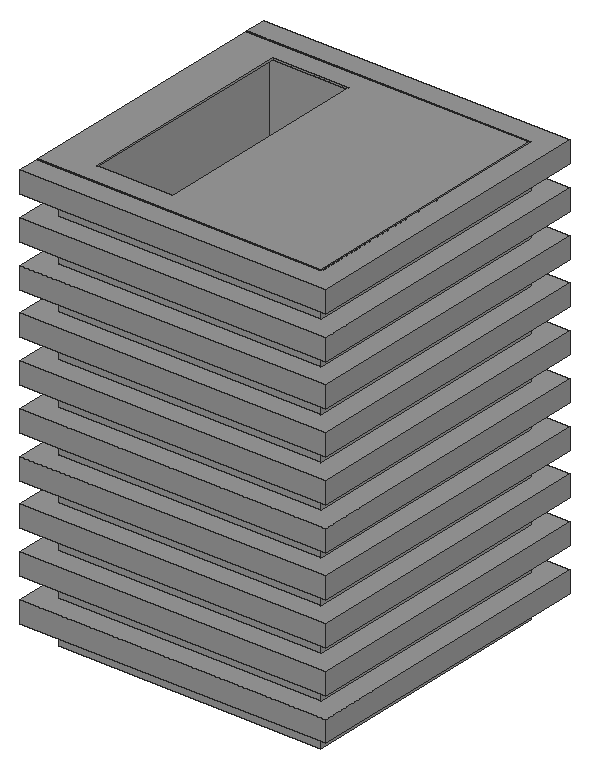
Revit family "Урна «Пласт» Арт 20727", category Антураж, Revit 2018
Family settings
  На основе рабочей плоскости = Нет
  Всегда вертикально = Да
  При загрузке вырезать с полостями = Нет
  Источник визуального образа = Геометрия семейства
  Общий = Нет
  Точка расчета площади = Нет
Parameters (values of type "Урна «Пласт»")
  Ширина = 500 mm
  Цвет урны = Черный
  Цвет отделки = Дерево
  Описание = "Урна «Пласт»"  # constant formula
  Материал изделия = "Сталь, дерево"  # constant formula
  Изображение типоразмера = Урна «Пласт» Арт 20727.jpg
  Изготовитель = "ООО «Хоббика»"  # constant formula
  Длина = 500 mm
  Группа модели = "Уличные урны"  # constant formula
  Высота = 700 mm
  Артикул товара = "Арт. 20727"  # constant formula
  URL = "https://hobbyka.ru/product/urna_plast/"
Reference planes
  plane 1 "По центру (Вперед/Назад)": y = 0
  plane 2: z = 0
  plane 3 "По центру (Влево/Вправо)": x = 0
  plane 4: x = 500
  plane 5: y = 500
  plane 6: z = 700
Forms (mm)
  Extrusion 1, solid, material "Черный" <- "Цвет урны"
    sketch origin (0, 0, 0) x (1, 0, 0) y (0, 1, 0)
      loop
        line (35, 465) -> (35, 35) -> (465, 35) -> (465, 465) -> (35, 465)
    from 0 to 698
  Sweep 2, solid, material "Дерево" <- "Цвет отделки"
    path origin (0, 0, 0) x (1, 0, 0) y (0, 1, 0)
      loop
        line (0, 500) -> (0, 0) -> (500, 0) -> (500, 500) -> (0, 500)
    profile origin (250, 500, 0) x (0, 1, 0) y (0, 0, 1)
      loop
        line (0, 35) -> (0, 70) -> (-35, 70) -> (-35, 35) -> (0, 35)
      loop
        line (0, 105) -> (0, 140) -> (-35, 140) -> (-35, 105) -> (0, 105)
      loop
        line (0, 175) -> (0, 210) -> (-35, 210) -> (-35, 175) -> (0, 175)
      loop
        line (0, 245) -> (0, 280) -> (-35, 280) -> (-35, 245) -> (0, 245)
      loop
        line (0, 315) -> (0, 350) -> (-35, 350) -> (-35, 315) -> (0, 315)
      loop
        line (0, 385) -> (0, 420) -> (-35, 420) -> (-35, 385) -> (0, 385)
      loop
        line (0, 455) -> (0, 490) -> (-35, 490) -> (-35, 455) -> (0, 455)
      loop
        line (0, 525) -> (0, 560) -> (-35, 560) -> (-35, 525) -> (0, 525)
      loop
        line (0, 595) -> (0, 630) -> (-35, 630) -> (-35, 595) -> (0, 595)
  Sweep 3, solid, material "Черный" <- "Цвет урны"
    path origin (0, 0, 0) x (1, 0, 0) y (0, 1, 0)
      loop
        line (0, 500) -> (500, 500) -> (500, 0) -> (0, 0)
    profile origin (250, 500, 0) x (0, 1, 0) y (0, 0, 1)
      loop
        line (0, 665) -> (0, 700) -> (-35, 700) -> (-35, 665) -> (0, 665)
  Extrusion 4, solid, material "Черный" <- "Цвет урны"
    sketch origin (0, 0, 0) x (1, 0, 0) y (0, 0, 1)
      loop
        line (0, 665) -> (35, 665) -> (35, 698) -> (463, 698) -> (463, 700) -> (0, 700) -> (0, 665)
    from -463 to -37
  Extrusion 5, void
    sketch origin (0, 0, 0) x (1, 0, 0) y (0, 1, 0)
      loop
        line (37, 463) -> (37, 37) -> (463, 37) -> (463, 463) -> (37, 463)
    from 6.607 to 698
  Extrusion 6, void
    sketch origin (0, 0, 0) x (1, 0, 0) y (0, 1, 0)
      loop
        line (70, 430) -> (70, 70) -> (195, 70) -> (195, 430) -> (70, 430)
    from 698 to 700
Cuts and joins
  Extrusion 5, Extrusion 6 cuts Extrusion 1
  Extrusion 6 cuts Extrusion 4
Dimensions and locks
  "Длина": plane 3 "По центру (Влево/Вправо)" to plane 4
  "Ширина": plane 5 to plane 1 "По центру (Вперед/Назад)"
  "Высота": plane 6 to plane 2
  aligned and locked: level to plane 2
Automatic sketch dimensions
  plane 3 "По центру (Влево/Вправо)" to Extrusion 1 sketch curve = 35 mm
  Extrusion 1 sketch curve to plane 4 = 35 mm
  Extrusion 1 sketch curve to plane 1 "По центру (Вперед/Назад)" = 35 mm
  Extrusion 1 sketch curve to plane 5 = 35 mm
  plane 1 "По центру (Вперед/Назад)" to Sweep 2 sketch curve = 0 mm
  Sweep 2 sketch curve to plane 3 "По центру (Влево/Вправо)" = 0 mm
  Sweep 2 sketch curve to plane 4 = 0 mm
  Sweep 2 sketch curve to plane 5 = 0 mm
  Sweep 2 sketch curve to profile plane = 0 mm  (x9)
  profile plane to Sweep 2 sketch curve = 35 mm  (x7)
  Sweep 2 sketch curve to Sweep 2 sketch curve = 0 mm  (x2)
  level to Sweep 2 sketch curve = 35 mm
  Sweep 2 sketch curve to Sweep 2 sketch curve = 35 mm  (x17)
  plane 1 "По центру (Вперед/Назад)" to Sweep 3 sketch curve = 0 mm
  Sweep 3 sketch curve to plane 3 "По центру (Влево/Вправо)" = 0 mm  (x2)
  Sweep 3 sketch curve to plane 4 = 0 mm
  Sweep 3 sketch curve to profile plane = 0 mm
  profile plane to Sweep 3 sketch curve = 35 mm
  Sweep 3 sketch curve to Sweep 3 sketch curve = 35 mm
  level to Sweep 3 sketch curve = 665 mm
  Sweep 3 sketch curve to plane 5 = 0 mm
  Extrusion 4 sketch curve to plane 3 "По центру (Влево/Вправо)" = 0 mm
  Extrusion 4 sketch curve to plane 6 = 0 mm
  Extrusion 4 sketch curve to plane 6 = 2 mm
  plane 3 "По центру (Влево/Вправо)" to Extrusion 4 sketch curve = 35 mm
  Extrusion 4 sketch curve to plane 4 = 37 mm
  Extrusion 4 sketch curve to plane 6 = 35 mm
  plane 3 "По центру (Влево/Вправо)" to Extrusion 5 sketch curve = 37 mm
  Extrusion 5 sketch curve to plane 4 = 37 mm
  Extrusion 5 sketch curve to plane 1 "По центру (Вперед/Назад)" = 37 mm
  Extrusion 5 sketch curve to plane 5 = 37 mm
  plane 3 "По центру (Влево/Вправо)" to Extrusion 6 sketch curve = 70 mm
  Extrusion 6 sketch curve to plane 1 "По центру (Вперед/Назад)" = 70 mm
  Extrusion 6 sketch curve to Extrusion 6 sketch curve = 125 mm
  Extrusion 6 sketch curve to plane 5 = 70 mm
